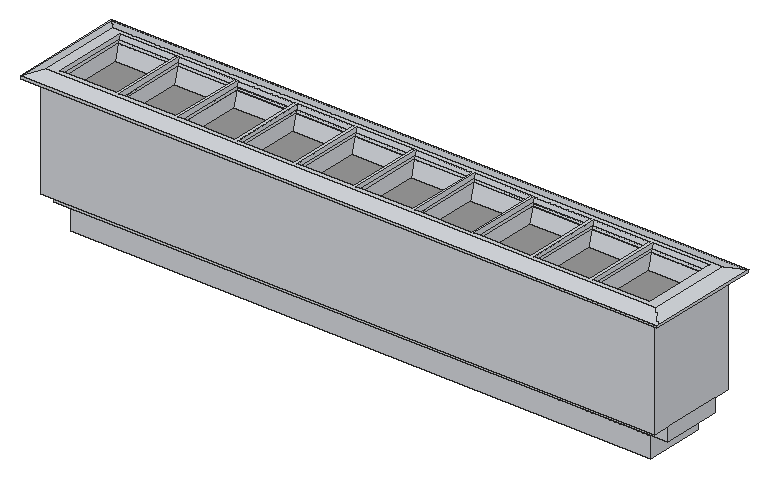
Revit family "2061173 Sylvania Lighting Fixture DOMINO 10xLED 940 BLACK NB TRIM WHITE", category Lighting Fixtures, host Face, Revit 2018
Family settings
  Host = Face
  Round Connector Dimension = Use Diameter
  Part Type = Normal
  OmniClass Number = 23.80.70.00
  OmniClass Title = Lighting
  Cut with Voids When Loaded = No
  Light Source = Yes
  Shared = No
  Room Calculation Point = No
Parameters (values of type "2061173 DOMINO 10XLED 940 BLACK NB TR WHT ")
  top top width = 15.812 mm
  top top length = 255 mm
  Width = 50 mm
  Weight = "n/a"
  Wattage Comments = ""
  Wattage = 9.2903 W
  WarrantyStartDate [instance] = "n/a"
  WarrantyGuarantorParts = "n/a"
  WarrantyDurationUnit = "n/a"
  WarrantyDurationParts = ""
  WarrantyDescription = "http://www.sylvania-lighting.com"
  built-in parameter 1150110 = 1 (stored number, unit not read)
  Voltage = 0 V
  URL = "0.95"
  TypeName = "DOMINO 10xLED 940 BLACK NB TRIM WHITE"
  Type Image = <None>
  Type Comments = "n/a"
  built-in parameter 1114217 = 1 (stored number, unit not read)
  Top Width = 26 mm
  Tilt Angle = 90.00°
  built-in parameter 1150109 = 1 (stored number, unit not read)
  built-in parameter 1150134 = 3
  built-in parameter 1150113 = 1 (stored number, unit not read)
  SerialNumber [instance] = "n/a"
  Recessed Width = 43 mm
  Recessed Length = 276 mm
  Photometric Web File = "2061173.ies"
  Material_3_FEILO = none
  PowerFactor = 0
  PowerConsumption = "Lighting"
  NominalLength = 50 mm
  NominalHeight = 0 mm
  NominalDepth = 0 mm
  Name = "DOMINO 10xLED 940 BLACK NB TRIM WHITE"
  ModelReference = Name  # "DOMINO 10xLED 940 BLACK NB TRIM WHITE"
  ModelNumber = "2061173"
  Model = Name  # "DOMINO 10xLED 940 BLACK NB TRIM WHITE"
  Material = "Feilo Sylvania"
  ManufacturerName = "74 lm/W"
  Manufacturer = ""
  LuminousEfficacy = ""
  built-in parameter 1150105 = 109.82 (stored number, unit not read)
  Lumens = 1380 lm
  LuminaireType = "0"
  built-in parameter 1150115 = 1 (stored number, unit not read)
  LightOutputRatio = "LED"
  built-in parameter 1150137 = (empty or 0)
  built-in parameter 1150139 = (empty or 0)
  Lens inside recess = 25 mm
  Lens Width = 32 mm
  Lens Outside recess = 31.978 mm
  Lens = Glass, White, High Luminance
  Length = 280 mm
  LampsType = Lamp  # "n/a"
  LampNominalLuminous = "4000 K"
  LampMacAdamStep = "90"
  LampColourTemperature = "LED"
  LampColourRenderingIndex = "16500"
  built-in parameter 1150112 = 1 (stored number, unit not read)
  built-in parameter 1150114 = 1 (stored number, unit not read)
  Lamp = "n/a"
  Keynote = "n/a"
  InstallationDate [instance] = "n/a"
  InputVoltage = "0"
  InputNominalFrequency = "4000"
  built-in parameter 1150132 = (empty or 0)
  built-in parameter 1150102 = (empty or 0)
  built-in parameter 1150107 = 3200 (stored number, unit not read)
  built-in parameter 1150138 = (empty or 0)
  IngressProtection = "IfcLightFixtureType"
  ImpactProtectionIndex = "IfcLightFixtureType"
  built-in parameter 1150106 = 1.0982 (stored number, unit not read)
  IfcExportType = "IfcLightFixtureType"
  IfcExportAs = "Class II"
  Facia internal width = 37 mm
  Facia internal length = 268 mm
  Facia Height = 2 mm
  ExpectedLife = 50000
  Emit from Circle Diameter = 609.6 mm
  Emit Shape Visible in Rendering = no
  ElectricShockClassification = "74"
  built-in parameter 1150104 = 13.8 (stored number, unit not read)
  DurationUnit = "hours"
  DocumentationLiterature = "http://www.sylvania-lighting.com/product/en-int/products/2061173"
  DimmingControlOptions = "n/a"
  Material_2_FEILO = none
  Dimming Lamp Color Temperature Shift = <None>
  Description = "Modular LED recessed linear spotlight, ideal for retail and hospitality applications. Die-cast aluminium body, passive cooling. Two levels of reflector installation, low glaring UGR<16. 10x LED source, 15° beam angle , optics: PMMA lens and polycarbonate reflector combination, Black matt reflector finish. Light color temperature: 4000K neutral white, total system power: 23W , total fixture lumen output: 1700lm, efficacy: 74 lm/W, Ra90 typical, LED chromacity: 3 step MacAdam ellipse (SDCM3), lifespan: 96,000 hours at 90% of the original output (L90B10), IR/UV free light source without heat radiation, operating voltage: 220-240V / 50-60Hz, electronic driver, ultra low flicker, non-dimmable , electrical protection: Class II. Degree of Protection: IP40/IP20, suitable for indoor environment only. Ceiling cut-out: 43x43mm, outer dimensions:  280x50mm trim frame RAL 9016 - Traffic white / Bezel color.5 years Warranty."
  Default Elevation = 1219.2 mm
  CreatedOn = "11/02/2021"
  CreatedBy = "@sylvania-lighting.com"
  Cost = 0
  Color Filter = 16777215
  built-in parameter 1114216 [instance] = (empty or 0)
  ClassificationValue = "EF_70_80"
  ClassificationName = "Uniclass2015"
  Material_1_FEILO = none
  Body Width = 40 mm
  Body Length = 270 mm
  BarCode [instance] = "n/a"
  built-in parameter 1114218 = 1 (stored number, unit not read)
  built-in parameter 1150133 = 10 (stored number, unit not read)
  AssetType = "Fixed"
  AssetIdentifier [instance] = "n/a"
  Assembly Code = "D5020200"
  Apparent Load = 23 VA
  Material_4_FEILO = none
Reference planes
  plane 1 "Center (Front/Back)": y = 0
  plane 2: z = 0
  plane 3 "Center (Left/Right)": x = 0
  plane 4: z = 0
  plane 5: z = -7
  plane 6: z = -45.895
  plane 7: z = -51.895
  plane 8: z = -60.895
  plane 9: x = -138
  plane 10: x = 138
  plane 11: y = 21.5
  plane 12: y = -21.5
  plane 13: x = -140
  plane 14: x = 140
  plane 15: y = 25
  plane 16: y = -25
  plane 17: x = 134
  plane 18: x = -134
  plane 19: y = 18.5
  plane 20: y = -18.5
  plane 21: z = 2
  plane 22: x = -135
  plane 23: x = 135
  plane 24: y = 20
  plane 25: y = -20
  plane 26: y = 13
  plane 27: y = -13
  plane 28: x = 127.5
  plane 29: x = -127.5
  plane 30: x = -132
  plane 31: y = 16.5
  plane 32: y = -16.472
  plane 33: y = 13
  plane 34: y = -12.972
  plane 35: x = 129.7
  plane 36: x = 127.224
Forms (mm)
  Extrusion 1, solid, not visible, detail levels medium+fine
    sketch origin (4.2, 0, 0) x (1, 0, 0) y (0, 1, 0)
      loop
        line (-29.2, 34.5) -> (-29.2, -34.5) -> (20.8, -34.5) -> (20.8, 34.5) -> (-29.2, 34.5)
    from 0 to 1
  Extrusion 2, solid, not visible, detail levels medium+fine
    sketch origin (4.044, 0, 0) x (1, 0, 0) y (0, 1, 0)
      loop
        line (-29.2, 34.5) -> (-29.2, -34.5) -> (20.8, -34.5) -> (20.8, 34.5) -> (-29.2, 34.5)
    from 0 to 1
  Blend 3, solid, not visible, detail levels medium+fine
    base sketch origin (4.2, 0, 0) x (1, 0, 0) y (0, 1, 0)
      loop
        line (-29.2, 34.5) -> (-29.2, -34.5) -> (20.8, -34.5) -> (20.8, 34.5) -> (-29.2, 34.5)
    top sketch origin (4.2, 0, 0) x (1, 0, 0) y (0, 1, 0)
      loop
        line (-21.7, 28) -> (-21.7, -28) -> (13.3, -28) -> (13.3, 28) -> (-21.7, 28)
    from 1 to 3
  Extrusion 4, solid, not visible, detail levels medium+fine
    sketch origin (3.419, 0, 0) x (1, 0, 0) y (0, 1, 0)
      loop
        line (-29.2, 34.5) -> (-29.2, -34.5) -> (20.8, -34.5) -> (20.8, 34.5) -> (-29.2, 34.5)
    from 0 to 1
  Blend 5, solid, not visible, detail levels medium+fine
    base sketch origin (3.575, 0, 0) x (1, 0, 0) y (0, 1, 0)
      loop
        line (-29.2, 34.5) -> (-29.2, -34.5) -> (20.8, -34.5) -> (20.8, 34.5) -> (-29.2, 34.5)
    top sketch origin (3.575, 0, 0) x (1, 0, 0) y (0, 1, 0)
      loop
        line (-21.7, 28) -> (-21.7, -28) -> (13.3, -28) -> (13.3, 28) -> (-21.7, 28)
    from 1 to 3
  Extrusion 6, solid, not visible, detail levels medium+fine
    sketch origin (4.247, 0, 0) x (1, 0, 0) y (0, 1, 0)
      loop
        line (-29.2, 34.5) -> (-29.2, -34.5) -> (20.8, -34.5) -> (20.8, 34.5) -> (-29.2, 34.5)
    from 0 to 1
  Blend 7, solid, not visible, detail levels medium+fine
    base sketch origin (4.403, 0, 0) x (1, 0, 0) y (0, 1, 0)
      loop
        line (-29.2, 34.5) -> (-29.2, -34.5) -> (20.8, -34.5) -> (20.8, 34.5) -> (-29.2, 34.5)
    top sketch origin (4.403, 0, 0) x (1, 0, 0) y (0, 1, 0)
      loop
        line (-21.7, 28) -> (-21.7, -28) -> (13.3, -28) -> (13.3, 28) -> (-21.7, 28)
    from 1 to 3
  Extrusion 8, void, detail levels medium+fine
    sketch origin (4.2, 0, 0) x (0, 1, 0) y (1, 0, 0)
      loop
        line (21.5, -142.2) -> (21.5, 133.8) -> (-21.5, 133.8) -> (-21.5, -142.2) -> (21.5, -142.2)
    from -9.934 to 83.097
  Extrusion 9, solid, detail levels medium+fine
    sketch origin (4.2, 0, 0) x (1, 0, 0) y (0, 1, 0)
      loop
        line (-144.2, 25) -> (-144.2, -25) -> (135.8, -25) -> (135.8, 25) -> (-144.2, 25)
    from 0 to 1
  Extrusion 10, solid, detail levels medium+fine
    sketch origin (4.2, 0, 0) x (1, 0, 0) y (0, 1, 0)
      loop
        line (-139.2, 20) -> (-139.2, -20) -> (130.8, -20) -> (130.8, 20) -> (-139.2, 20)
    from 0 to -45.895
  Extrusion 11, solid, detail levels medium+fine
    sketch origin (4.2, 0, 0) x (1, 0, 0) y (0, 1, 0)
      loop
        line (-139.2, 13) -> (-139.2, -13) -> (130.8, -13) -> (130.8, 13) -> (-139.2, 13)
    from -51.895 to -45.895
  Extrusion 12, solid, material "Glass, White, High Luminance" <- "Lens", detail levels fine
    sketch origin (-53.155, 1221.106, 36.156) x (1, 0, 0) y (0, 1, 0)
      loop
        line (-76.18, -1206.856) -> (-76.18, -1232.856) -> (-52.18, -1232.856) -> (-52.18, -1206.856) -> (-76.18, -1206.856)
    from -43.156 to -42.182
  Blend 13, solid, detail levels medium+fine
    base sketch origin (4.2, 0, 0) x (1, 0, 0) y (0, 1, 0)
      loop
        line (-144.2, 25) -> (-144.2, -25) -> (135.8, -25) -> (135.8, 25) -> (-144.2, 25)
    top sketch origin (4.2, 0, 0) x (1, 0, 0) y (0, 1, 0)
      loop
        line (-138.2, 18.5) -> (-138.2, -18.5) -> (129.8, -18.5) -> (129.8, 18.5) -> (-138.2, 18.5)
    from 1 to 3
  Extrusion 14, solid, detail levels fine
    sketch origin (0, 0, 0) x (1, 0, 0) y (0, 0, 1)
      loop
        line (-127.5, -51.895) -> (-127.5, -60.895) -> (127.5, -60.895) -> (127.5, -51.895) -> (-127.5, -51.895)
    from -13 to 13
  Blend 15, void
    base sketch origin (-59.8, 0, 0) x (0, 1, 0) y (-1, 0, 0)
      loop
        line (16.5, 69.7) -> (-16.472, 69.7) -> (-16.472, 44.7) -> (16.5, 44.7) -> (16.5, 69.7)
    top sketch origin (-59.8, 0, 0) x (0, 1, 0) y (-1, 0, 0)
      loop
        line (13, 69.2) -> (-12.972, 69.2) -> (-12.972, 45.2) -> (13, 45.2) -> (13, 69.2)
    from 3 to -7
  Blend 16, void
    base sketch origin (18.282, 0, 0) x (0, 1, 0) y (-1, 0, 0)
      loop
        line (16.5, 69.7) -> (-16.472, 69.7) -> (-16.472, 44.7) -> (16.5, 44.7) -> (16.5, 69.7)
    top sketch origin (18.282, 0, 0) x (0, 1, 0) y (-1, 0, 0)
      loop
        line (13, 69.2) -> (-12.972, 69.2) -> (-12.972, 45.2) -> (13, 45.2) -> (13, 69.2)
    from 3 to -7
  Blend 17, void
    base sketch origin (44.284, -0.017, 0) x (0, 1, 0) y (-1, 0, 0)
      loop
        line (16.5, 69.7) -> (-16.472, 69.7) -> (-16.472, 44.7) -> (16.5, 44.7) -> (16.5, 69.7)
    top sketch origin (44.284, -0.017, 0) x (0, 1, 0) y (-1, 0, 0)
      loop
        line (13, 69.2) -> (-12.972, 69.2) -> (-12.972, 45.2) -> (13, 45.2) -> (13, 69.2)
    from 3 to -7
  Blend 18, void
    base sketch origin (70.327, 0, 0) x (0, 1, 0) y (-1, 0, 0)
      loop
        line (16.5, 69.7) -> (-16.472, 69.7) -> (-16.472, 44.7) -> (16.5, 44.7) -> (16.5, 69.7)
    top sketch origin (70.327, 0, 0) x (0, 1, 0) y (-1, 0, 0)
      loop
        line (13, 69.2) -> (-12.972, 69.2) -> (-12.972, 45.2) -> (13, 45.2) -> (13, 69.2)
    from 3 to -7
  Blend 19, void
    base sketch origin (96.351, 0, 0) x (0, 1, 0) y (-1, 0, 0)
      loop
        line (16.5, 69.7) -> (-16.472, 69.7) -> (-16.472, 44.7) -> (16.5, 44.7) -> (16.5, 69.7)
    top sketch origin (96.351, 0, 0) x (0, 1, 0) y (-1, 0, 0)
      loop
        line (13, 69.2) -> (-12.972, 69.2) -> (-12.972, 45.2) -> (13, 45.2) -> (13, 69.2)
    from 3 to -7
  Extrusion 20, solid, material "Glass, White, High Luminance" <- "Lens", detail levels fine
    sketch origin (-29.269, 1219.946, 36.156) x (1, 0, 0) y (0, 1, 0)
      loop
        line (-73.723, -1206.946) -> (-73.723, -1232.946) -> (-49.723, -1232.946) -> (-49.723, -1206.946) -> (-73.723, -1206.946)
    from -43.156 to -42.182
  Extrusion 21, solid, material "Glass, White, High Luminance" <- "Lens", detail levels fine
    sketch origin (-0.613, 1219.733, 36.156) x (1, 0, 0) y (0, 1, 0)
      loop
        line (-76.347, -1206.7) -> (-76.347, -1232.733) -> (-52.347, -1232.733) -> (-52.347, -1206.7) -> (-76.347, -1206.7)
    from -43.156 to -42.182
  Extrusion 22, solid, material "Glass, White, High Luminance" <- "Lens", detail levels fine
    sketch origin (24.387, 1218.509, 36.156) x (1, 0, 0) y (0, 1, 0)
      loop
        line (-75.305, -1205.509) -> (-75.305, -1231.509) -> (-51.305, -1231.509) -> (-51.305, -1205.509) -> (-75.305, -1205.509)
    from -43.156 to -42.182
  Extrusion 23, solid, material "Glass, White, High Luminance" <- "Lens", detail levels fine
    sketch origin (51.187, 1219.547, 36.156) x (1, 0, 0) y (0, 1, 0)
      loop
        line (-76.102, -1206.547) -> (-76.102, -1232.547) -> (-52.102, -1232.547) -> (-52.102, -1206.547) -> (-76.102, -1206.547)
    from -43.156 to -42.182
  Blend 24, void
    base sketch origin (-33.792, 0, 0) x (0, 1, 0) y (-1, 0, 0)
      loop
        line (16.5, 69.7) -> (-16.472, 69.7) -> (-16.472, 44.7) -> (16.5, 44.7) -> (16.5, 69.7)
    top sketch origin (-33.792, 0, 0) x (0, 1, 0) y (-1, 0, 0)
      loop
        line (13, 69.2) -> (-12.972, 69.2) -> (-12.972, 45.2) -> (13, 45.2) -> (13, 69.2)
    from 3 to -7
  Blend 25, void
    base sketch origin (-7.76, 0, 0) x (0, 1, 0) y (-1, 0, 0)
      loop
        line (16.5, 69.7) -> (-16.472, 69.7) -> (-16.472, 44.7) -> (16.5, 44.7) -> (16.5, 69.7)
    top sketch origin (-7.76, 0, 0) x (0, 1, 0) y (-1, 0, 0)
      loop
        line (13, 69.2) -> (-12.972, 69.2) -> (-12.972, 45.2) -> (13, 45.2) -> (13, 69.2)
    from 3 to -7
  Blend 26, void
    base sketch origin (122.411, 0, 0) x (0, 1, 0) y (-1, 0, 0)
      loop
        line (16.5, 69.7) -> (-16.472, 69.7) -> (-16.472, 44.7) -> (16.5, 44.7) -> (16.5, 69.7)
    top sketch origin (122.411, 0, 0) x (0, 1, 0) y (-1, 0, 0)
      loop
        line (13, 69.2) -> (-12.972, 69.2) -> (-12.972, 45.2) -> (13, 45.2) -> (13, 69.2)
    from 3 to -7
  Extrusion 27, solid, material "Glass, White, High Luminance" <- "Lens", detail levels fine
    sketch origin (77.265, 1219.547, 36.156) x (1, 0, 0) y (0, 1, 0)
      loop
        line (-76.102, -1206.547) -> (-76.102, -1232.547) -> (-52.102, -1232.547) -> (-52.102, -1206.547) -> (-76.102, -1206.547)
    from -43.156 to -42.182
  Extrusion 28, solid, material "Glass, White, High Luminance" <- "Lens", detail levels fine
    sketch origin (100.753, 1219.547, 36.156) x (1, 0, 0) y (0, 1, 0)
      loop
        line (-76.102, -1206.547) -> (-76.102, -1232.547) -> (-52.102, -1232.547) -> (-52.102, -1206.547) -> (-76.102, -1206.547)
    from -43.156 to -42.182
  Extrusion 29, solid, material "Glass, White, High Luminance" <- "Lens", detail levels fine
    sketch origin (129.314, 1219.547, 36.156) x (1, 0, 0) y (0, 1, 0)
      loop
        line (-76.102, -1206.547) -> (-76.102, -1232.547) -> (-52.102, -1232.547) -> (-52.102, -1206.547) -> (-76.102, -1206.547)
    from -43.156 to -42.182
  Blend 30, void
    base sketch origin (148.416, 0, 0) x (0, 1, 0) y (-1, 0, 0)
      loop
        line (16.5, 69.7) -> (-16.472, 69.7) -> (-16.472, 44.7) -> (16.5, 44.7) -> (16.5, 69.7)
    top sketch origin (148.416, 0, 0) x (0, 1, 0) y (-1, 0, 0)
      loop
        line (13, 69.2) -> (-12.972, 69.2) -> (-12.972, 45.2) -> (13, 45.2) -> (13, 69.2)
    from 3 to -7
  Extrusion 31, solid, material "Glass, White, High Luminance" <- "Lens", detail levels fine
    sketch origin (155.278, 1219.547, 36.156) x (1, 0, 0) y (0, 1, 0)
      loop
        line (-76.102, -1206.547) -> (-76.102, -1232.547) -> (-52.102, -1232.547) -> (-52.102, -1206.547) -> (-76.102, -1206.547)
    from -43.156 to -42.182
  Blend 32, void
    base sketch origin (174.42, 0, 0) x (0, 1, 0) y (-1, 0, 0)
      loop
        line (16.5, 69.7) -> (-16.472, 69.7) -> (-16.472, 44.7) -> (16.5, 44.7) -> (16.5, 69.7)
    top sketch origin (174.42, 0, 0) x (0, 1, 0) y (-1, 0, 0)
      loop
        line (13, 69.2) -> (-12.972, 69.2) -> (-12.972, 45.2) -> (13, 45.2) -> (13, 69.2)
    from 3 to -7
  Extrusion 33, solid, material "Glass, White, High Luminance" <- "Lens", detail levels fine
    sketch origin (181.434, 1219.547, 36.156) x (1, 0, 0) y (0, 1, 0)
      loop
        line (-76.214, -1206.547) -> (-76.214, -1232.547) -> (-52.214, -1232.547) -> (-52.214, -1206.547) -> (-76.214, -1206.547)
    from -43.156 to -42.182
  Extrusion 34, solid, detail levels coarse
    sketch origin (4.2, 0, 0) x (1, 0, 0) y (0, 1, 0)
      loop
        line (-144.2, 25) -> (-144.2, -25) -> (135.8, -25) -> (135.8, 25) -> (-144.2, 25)
    from -60.895 to 3
Cuts and joins
  Blend 15, Blend 16, Blend 17, Blend 18, Blend 19, Blend 24, Blend 25, Blend 26, Blend 30, Blend 32 cuts Extrusion 9
  Blend 15, Blend 16, Blend 17, Blend 18, Blend 19, Blend 24, Blend 25, Blend 26, Blend 30, Blend 32 cuts Extrusion 10
  Blend 15, Blend 16, Blend 17, Blend 18, Blend 19, Blend 24, Blend 25, Blend 26, Blend 30, Blend 32 cuts Blend 13
  Blend 32 cuts Extrusion 31
Dimensions and locks
  "Recessed Length": plane 9 to plane 10
  equal spacing: plane 9, plane 3 "Center (Left/Right)", plane 10
  "Length": plane 13 to plane 14
  equal spacing: plane 13, plane 3 "Center (Left/Right)", plane 14
  "Recessed Width": plane 11 to plane 12
  equal spacing: plane 11, plane 1 "Center (Front/Back)", plane 12
  "Width": plane 15 to plane 16
  equal spacing: plane 15, plane 1 "Center (Front/Back)", plane 16
  "Facia internal length": plane 18 to plane 17
  equal spacing: plane 18, plane 3 "Center (Left/Right)", plane 17
  "Facia internal width": plane 19 to plane 20
  equal spacing: plane 19, plane 1 "Center (Front/Back)", plane 20
  "Facia Height": plane 21 to host face
  "Body Length": plane 22 to plane 23
  equal spacing: plane 22, plane 3 "Center (Left/Right)", plane 23
  "Body Width": plane 24 to plane 25
  equal spacing: plane 24, plane 1 "Center (Front/Back)", plane 25
  "Top Width": plane 26 to plane 27
  equal spacing: plane 26, plane 1 "Center (Front/Back)", plane 27
  "top top length": plane 29 to plane 28
  equal spacing: plane 29, plane 3 "Center (Left/Right)", plane 28  (x2)
  plane 28 to plane 29 = 255 mm
  equal spacing: plane 28, plane 3 "Center (Left/Right)", plane 29
  aligned and locked: plane 2 to host face
  aligned and locked: level to host face
  aligned and locked: Extrusion 11 to plane 7
  aligned and locked: Extrusion 10 to plane 6
  aligned and locked: Extrusion 12 to plane 5
Automatic sketch dimensions
  Extrusion 1 sketch curve to Extrusion 1 sketch curve = 50 mm
  Extrusion 1 sketch curve to Extrusion 1 sketch curve = 69 mm
  Extrusion 2 sketch curve to Extrusion 2 sketch curve = 50 mm
  Extrusion 2 sketch curve to Extrusion 2 sketch curve = 69 mm
  Blend 3 sketch curve to Blend 3 sketch curve = 50 mm
  Blend 3 sketch curve to Blend 3 sketch curve = 69 mm
  Blend 3 sketch curve to Blend 3 sketch curve = 35 mm
  Blend 3 sketch curve to Blend 3 sketch curve = 56 mm
  Extrusion 4 sketch curve to Extrusion 4 sketch curve = 50 mm
  Extrusion 4 sketch curve to Extrusion 4 sketch curve = 69 mm
  Blend 5 sketch curve to Blend 5 sketch curve = 50 mm
  Blend 5 sketch curve to Blend 5 sketch curve = 69 mm
  Blend 5 sketch curve to Blend 5 sketch curve = 35 mm
  Blend 5 sketch curve to Blend 5 sketch curve = 56 mm
  Extrusion 6 sketch curve to Extrusion 6 sketch curve = 50 mm
  Extrusion 6 sketch curve to Extrusion 6 sketch curve = 69 mm
  Blend 7 sketch curve to Blend 7 sketch curve = 50 mm
  Blend 7 sketch curve to Blend 7 sketch curve = 69 mm
  Blend 7 sketch curve to Blend 7 sketch curve = 35 mm
  Blend 7 sketch curve to Blend 7 sketch curve = 56 mm
  host sketch curve to host sketch curve = 2438.4 mm  (x2)
  Extrusion 8 sketch curve to plane 9 = 0 mm
  Extrusion 8 sketch curve to plane 12 = 0 mm
  Extrusion 8 sketch curve to plane 11 = 0 mm
  Extrusion 8 sketch curve to plane 10 = 0 mm
  Extrusion 9 sketch curve to plane 13 = 0 mm
  Extrusion 9 sketch curve to plane 14 = 0 mm
  Extrusion 9 sketch curve to plane 16 = 0 mm
  Extrusion 9 sketch curve to plane 15 = 0 mm
  Extrusion 10 sketch curve to plane 22 = 0 mm
  Extrusion 10 sketch curve to plane 23 = 0 mm
  Extrusion 10 sketch curve to plane 25 = 0 mm
  Extrusion 10 sketch curve to plane 24 = 0 mm
  Extrusion 11 sketch curve to plane 22 = 0 mm
  Extrusion 11 sketch curve to plane 23 = 0 mm
  Extrusion 11 sketch curve to plane 27 = 0 mm
  plane 26 to Extrusion 11 sketch curve = 0 mm
  plane 27 to Extrusion 12 sketch curve = 1.25 mm
  plane 26 to Extrusion 12 sketch curve = 1.25 mm
  plane 30 to Extrusion 12 sketch curve = 2.665 mm
  Blend 13 sketch curve to plane 13 = 0 mm
  Blend 13 sketch curve to plane 14 = 0 mm
  Blend 13 sketch curve to plane 16 = 0 mm
  Blend 13 sketch curve to plane 15 = 0 mm
  Blend 13 sketch curve to plane 18 = 0 mm
  Blend 13 sketch curve to plane 17 = 0 mm
  Blend 13 sketch curve to plane 20 = 0 mm
  Blend 13 sketch curve to plane 19 = 0 mm
  Extrusion 14 sketch curve to plane 8 = 0 mm
  Extrusion 14 sketch curve to plane 29 = 0 mm
  Extrusion 14 sketch curve to plane 28 = 0 mm
  Extrusion 14 sketch curve to plane 7 = 0 mm
  plane 30 to Blend 15 sketch curve = 2.5 mm
  Blend 15 sketch curve to plane 32 = 0 mm
  Blend 15 sketch curve to plane 31 = 0 mm
  Blend 15 sketch curve to plane 34 = 0 mm
  Blend 15 sketch curve to plane 26 = 0 mm
  plane 30 to Blend 15 sketch curve = 3 mm
  Blend 16 sketch curve to plane 32 = 0 mm
  Blend 16 sketch curve to plane 31 = 0 mm
  Blend 16 sketch curve to plane 34 = 0 mm
  Blend 16 sketch curve to plane 26 = 0 mm
  Blend 17 sketch curve to plane 32 = 0.017 mm
  Blend 17 sketch curve to plane 31 = 0.017 mm
  plane 27 to Blend 17 sketch curve = 0.011 mm
  Blend 17 sketch curve to plane 26 = 0.017 mm
  plane 32 to Blend 18 sketch curve = 0 mm
  plane 31 to Blend 18 sketch curve = 0 mm
  plane 34 to Blend 18 sketch curve = 0 mm
  plane 26 to Blend 18 sketch curve = 0 mm
  Blend 19 sketch curve to plane 32 = 0 mm
  Blend 19 sketch curve to plane 31 = 0 mm
  Blend 19 sketch curve to plane 34 = 0 mm
  Blend 19 sketch curve to plane 26 = 0 mm
  Extrusion 20 sketch curve to plane 27 = 0 mm
  Extrusion 20 sketch curve to plane 26 = 0 mm
  Extrusion 21 sketch curve to plane 27 = 0 mm
  plane 26 to Extrusion 21 sketch curve = 0.033 mm
  Extrusion 22 sketch curve to plane 27 = 0 mm
  Extrusion 22 sketch curve to plane 26 = 0 mm
  Extrusion 23 sketch curve to plane 27 = 0 mm
  Extrusion 23 sketch curve to plane 26 = 0 mm
  Blend 24 sketch curve to plane 32 = 0 mm
  Blend 24 sketch curve to plane 31 = 0 mm
  Blend 24 sketch curve to plane 34 = 0 mm
  Blend 24 sketch curve to plane 26 = 0 mm
  Blend 25 sketch curve to plane 32 = 0 mm
  Blend 25 sketch curve to plane 31 = 0 mm
  Blend 25 sketch curve to plane 34 = 0 mm
  Blend 25 sketch curve to plane 26 = 0 mm
  Blend 26 sketch curve to plane 32 = 0 mm
  Blend 26 sketch curve to plane 31 = 0 mm
  Blend 26 sketch curve to plane 34 = 0 mm
  Blend 26 sketch curve to plane 26 = 0 mm
  Extrusion 27 sketch curve to plane 27 = 0 mm
  Extrusion 27 sketch curve to plane 26 = 0 mm
  Extrusion 28 sketch curve to plane 27 = 0 mm
  Extrusion 28 sketch curve to plane 26 = 0 mm
  Extrusion 29 sketch curve to plane 27 = 0 mm
  Extrusion 29 sketch curve to plane 26 = 0 mm
  Blend 30 sketch curve to plane 32 = 0 mm
  Blend 30 sketch curve to plane 31 = 0 mm
  Blend 30 sketch curve to plane 34 = 0 mm
  Blend 30 sketch curve to plane 26 = 0 mm
  Extrusion 31 sketch curve to plane 27 = 0 mm
  Extrusion 31 sketch curve to plane 26 = 0 mm
  Blend 32 sketch curve to plane 32 = 0 mm
  Blend 32 sketch curve to plane 31 = 0 mm
  plane 28 to Blend 32 sketch curve = 2.22 mm
  Blend 32 sketch curve to plane 34 = 0 mm
  Blend 32 sketch curve to plane 26 = 0 mm
  plane 28 to Blend 32 sketch curve = 1.72 mm
  plane 27 to Extrusion 33 sketch curve = 0 mm
  plane 26 to Extrusion 33 sketch curve = 0 mm
  plane 28 to Extrusion 33 sketch curve = 1.72 mm
  Extrusion 21 sketch curve to Extrusion 21 sketch curve = 24 mm
  Blend 25 sketch curve to Blend 25 sketch curve = 24 mm
  plane 29 to Extrusion 12 sketch curve = 22.165 mm
  plane 29 to Blend 15 sketch curve = 23 mm
  plane 29 to Blend 15 sketch curve = 22.5 mm
  plane 29 to Extrusion 20 sketch curve = 24.508 mm
  Extrusion 20 sketch curve to Extrusion 20 sketch curve = 24 mm
  plane 29 to Blend 24 sketch curve = 49.008 mm
  plane 29 to Blend 24 sketch curve = 24.008 mm
  plane 29 to Blend 24 sketch curve = 48.508 mm
  Blend 24 sketch curve to Blend 24 sketch curve = 24 mm
  Blend 25 sketch curve to Blend 25 sketch curve = 25 mm
  Blend 16 sketch curve to Blend 16 sketch curve = 25 mm
  Blend 16 sketch curve to Blend 16 sketch curve = 24 mm
  plane 29 to Extrusion 21 sketch curve = 50.54 mm
  Extrusion 22 sketch curve to Extrusion 22 sketch curve = 24 mm
  Blend 16 sketch curve to plane 3 "Center (Left/Right)" = 26.418 mm
  Blend 16 sketch curve to plane 3 "Center (Left/Right)" = 26.918 mm
  Blend 17 sketch curve to plane 3 "Center (Left/Right)" = 0.416 mm
  Blend 17 sketch curve to Blend 17 sketch curve = 25 mm
  Blend 17 sketch curve to plane 3 "Center (Left/Right)" = 0.916 mm
  Blend 17 sketch curve to Blend 17 sketch curve = 24 mm
  plane 3 "Center (Left/Right)" to Blend 18 sketch curve = 0.627 mm
  plane 3 "Center (Left/Right)" to Blend 18 sketch curve = 1.127 mm
  Extrusion 22 sketch curve to plane 3 "Center (Left/Right)" = 50.918 mm
  Extrusion 23 sketch curve to plane 3 "Center (Left/Right)" = 24.916 mm
  Extrusion 23 sketch curve to plane 3 "Center (Left/Right)" = 0.916 mm
  Blend 25 sketch curve to plane 3 "Center (Left/Right)" = 52.46 mm
  Blend 25 sketch curve to plane 3 "Center (Left/Right)" = 52.96 mm
  plane 3 "Center (Left/Right)" to Extrusion 27 sketch curve = 1.162 mm
  Blend 18 sketch curve to Blend 18 sketch curve = 25 mm
  Blend 18 sketch curve to Blend 18 sketch curve = 24 mm
  plane 3 "Center (Left/Right)" to Blend 19 sketch curve = 51.651 mm
  Blend 19 sketch curve to Blend 19 sketch curve = 25 mm
  plane 3 "Center (Left/Right)" to Blend 19 sketch curve = 51.151 mm
  Blend 19 sketch curve to Blend 19 sketch curve = 24 mm
  Blend 26 sketch curve to plane 36 = 49.513 mm
  Blend 26 sketch curve to Blend 26 sketch curve = 25 mm
  Blend 26 sketch curve to plane 36 = 50.013 mm
  Blend 26 sketch curve to Blend 26 sketch curve = 24 mm
  Extrusion 27 sketch curve to Extrusion 27 sketch curve = 24 mm
  plane 3 "Center (Left/Right)" to Extrusion 28 sketch curve = 24.651 mm
  Extrusion 28 sketch curve to Extrusion 28 sketch curve = 24 mm
  plane 3 "Center (Left/Right)" to Extrusion 29 sketch curve = 53.211 mm
  Extrusion 29 sketch curve to Extrusion 29 sketch curve = 24 mm
  Blend 30 sketch curve to plane 36 = 23.508 mm
  Blend 30 sketch curve to Blend 30 sketch curve = 25 mm
  Blend 30 sketch curve to plane 36 = 24.008 mm
  Blend 30 sketch curve to Blend 30 sketch curve = 24 mm
  Extrusion 31 sketch curve to plane 36 = 48.048 mm
  Extrusion 31 sketch curve to Extrusion 31 sketch curve = 24 mm
  Blend 32 sketch curve to plane 36 = 22.504 mm
  Blend 32 sketch curve to plane 36 = 22.004 mm
  Extrusion 33 sketch curve to plane 36 = 22.004 mm
  Extrusion 34 sketch curve to plane 13 = 0 mm
  Extrusion 34 sketch curve to plane 14 = 0 mm
  Extrusion 34 sketch curve to plane 16 = 0 mm
  Extrusion 34 sketch curve to plane 15 = 0 mm
Connectors
  electrical at (0, 0, -60.895)
    settings: on Extrusion 14, index 1, voltage 0 V, apparent load 0 VA, apparent load phase1 0 VA, apparent load phase2 0 VA, apparent load phase3 0 VA, power factor 1, load classification "Other", number of poles 1, system type 31, power factor state 1, is connector primary yes, connector utility no, sub classification motor no, connector description ""
